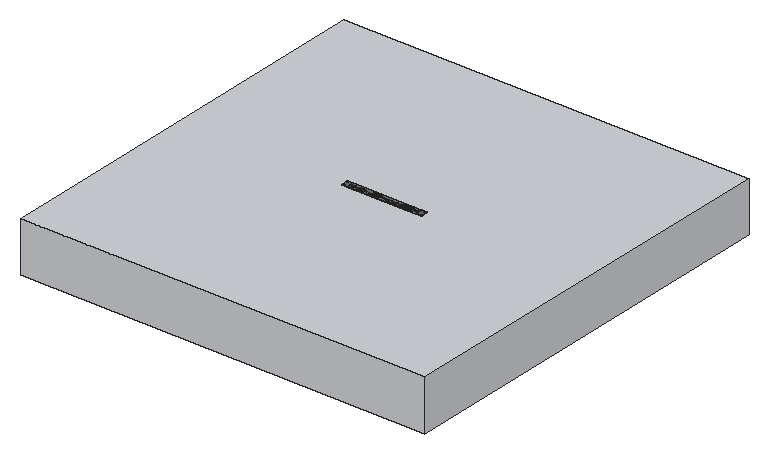
Revit family "Контроллер AGRG R2 RACK_на грани", category Электрооборудование, Revit 2019
Family settings
  Основа = Грань
  Размер круглого соединителя = Использовать диаметр
  Тип детали = Другая панель
  При загрузке вырезать с полостями = Нет
  Общий = Нет
  Точка расчета площади = Нет
Parameters (values of type "Контроллер AGRG R2 RACK")
  built-in parameter 1140085 [instance] = Panel Name  # (empty or 0)
  Default Elevation = 1219.2 mm
  Описание = "ITV"  # constant formula
  Panel Name [instance] = (empty or 0)
  Type Image = ARD.png
  Группа модели = "Оборудование"  # constant formula
  URL = "https://skud.agrg.ru/controllers/agrg-r2-rack"
  ITV_SUB_УГО на структурной схеме = "УГО_Контроллер"
  ITV_LCS_Номер юнита [instance] = 0
  ITV_LCS_Номер шкафа [instance] = ""
  ITV_LCS_Высота U = 1
  ADSK_Принадлежность к разделу [instance] = ""
  ADSK_Примечание [instance] = ""
  ADSK_Полная мощность [instance] = ADSK_Номинальная мощность / ADSK_Коэффициент мощности  # 30 VA
  ADSK_Позиция [instance] = ""
  ADSK_Обозначение = "ARD"
  ADSK_Номинальная мощность [instance] = 30 VA
  ADSK_Напряжение [instance] = 220 V
  ADSK_Наименование краткое = "Контроллер"
  ADSK_Наименование = "Специализированный контроллер AGRG R2 Rack для IT-инфраструктуры (защита телеком. шкафов). Габариты: 410 х 190 х 43 мм (без кронштейнов), исполнение 1U. Подключение до 2-х специализированных ручек со встроенными считывателями. Оснащен АКБ (до 3-х часов автономн. работы). Работает под управлением ПО SIGUR."
  ADSK_Масса = 2.7
  ADSK_Марка = "AGRG ЦОД"
  ADSK_Коэффициент мощности = 1
  ADSK_Количество фаз [instance] = 1
  ADSK_Количество = 1
  ADSK_Код изделия = "CCTLR2R"
  ADSK_Классификация нагрузок [instance] = Прочее
  ADSK_Имя источника питания [instance] = ""
  ADSK_Завод-изготовитель = "ООО «Агрегатор»"  # constant formula
  ADSK_Единица измерения = "шт."
  ADSK_Группирование [instance] = "1. Оборудование"
Reference planes
  plane 1 "По центру (Вперед/Назад)": y = 0
  plane 2: z = 0
  plane 3 "По центру (Влево/Вправо)": x = 0
Forms (mm)
  Extrusion 1, solid
    sketch origin (0, 0, 0) x (1, 0, 0) y (0, 1, 0)
      loop
        line (-1219.2, 1219.2) -> (-1219.2, -1219.2) -> (1219.2, -1219.2) -> (1219.2, 1219.2) -> (-1219.2, 1219.2)
    from 0 to -304.8
Dimensions and locks
  aligned and locked: plane 2 to Extrusion 1
  aligned and locked: level to Extrusion 1
Nested families
  nested 1: "AGRG R2 RACK_на грани" at (0, 0, 0), type "AGRG R2 RACK_на грани", detail levels fine
    with Материал ITV_Краска_черная_ матовая
Connectors
  electrical at (0, 0, 0), driven by "ADSK_Количество фаз", driven by "ADSK_Классификация нагрузок", driven by "ADSK_Напряжение", driven by "ADSK_Полная мощность", driven by "ADSK_Коэффициент мощности"
    settings: index 1, voltage 220 V, apparent load 30 VA, apparent load phase1 0 VA, apparent load phase2 0 VA, apparent load phase3 0 VA, power factor 1, load classification "Прочее", number of poles 1, system type 30, power factor state 1, is connector primary yes, connector utility no, sub classification motor no, connector description ""
  electrical at (0, 0, 0)
    settings: index 2, voltage 0 V, apparent load 0 VA, apparent load phase1 0 VA, apparent load phase2 0 VA, apparent load phase3 0 VA, power factor 1, load classification "Прочее", number of poles 1, system type 5, power factor state 1, is connector primary no, connector utility no, sub classification motor no, connector description ""
Definition of nested family "AGRG R2 RACK_на грани"
  Parameters (values of type "AGRG R2 RACK_на грани")
    Default Elevation = 1219.2 mm
    Материал [instance] = none
  Reference planes
    plane 1 "По центру (Вперед/Назад)": y = 0
    plane 2: z = 0
    plane 3 "По центру (Влево/Вправо)": x = 0
    plane 4: x = -205
    plane 5: y = 21.8
    plane 6: x = 205
    plane 7: y = -21.8
    plane 8: x = 241.3
    plane 9: x = 230.913
    plane 10: x = -241.3
    plane 11: x = -230.913
  Forms (mm)
    Extrusion 1, solid
      sketch origin (0, 0, 0) x (1, 0, 0) y (0, 1, 0)
        loop
          line (-1219.2, 1219.2) -> (-1219.2, -1219.2) -> (1219.2, -1219.2) -> (1219.2, 1219.2) -> (-1219.2, 1219.2)
      from 0 to -304.8
    Extrusion 2, solid, material <- "Материал", detail levels fine
      sketch origin (2.2, 502.964, 0) x (1, 0, 0) y (0, 1, 0)
        loop
          line (202.8, -481.164) -> (202.8, -524.764) -> (237.1, -524.764)
          arc (237.1, -524.764) -> (238.514, -524.178) -> (239.1, -522.764) r 2
          line (239.1, -522.764) -> (239.1, -483.164)
          arc (239.1, -483.164) -> (238.514, -481.75) -> (237.1, -481.164) r 2
          line (237.1, -481.164) -> (202.8, -481.164)
        loop
          arc (228.713, -515.864) -> (225.713, -518.864) -> (228.713, -521.864) r 3
          line (228.713, -521.864) -> (233.007, -521.864)
          arc (233.007, -521.864) -> (236.007, -518.864) -> (233.007, -515.864) r 3
          line (233.007, -515.864) -> (228.713, -515.864)
        loop
          line (233.007, -484.131) -> (228.713, -484.131)
          arc (228.713, -484.131) -> (225.713, -487.131) -> (228.713, -490.131) r 3
          line (228.713, -490.131) -> (233.007, -490.131)
          arc (233.007, -490.131) -> (236.007, -487.131) -> (233.007, -484.131) r 3
      from 0 to 1
    Extrusion 3, solid, material <- "Материал", detail levels fine
      sketch origin (205, 22.2, 0) x (0, -1, 0) y (0, 0, -1)
        loop
          line (0.4, 0) -> (44, 0) -> (44, 19.02)
          arc (44, 19.02) -> (43.42, 20.42) -> (42.019, 21) r 1.981
          line (42.019, 21) -> (2.4, 21)
          arc (2.4, 21) -> (0.986, 20.415) -> (0.4, 19) r 2
          line (0.4, 19) -> (0.4, 0)
      from 0 to 1
    Extrusion 4, solid, material <- "Материал", detail levels fine
      sketch origin (-2.2, 502.964, 0) x (-1, 0, 0) y (0, -1, 0)
        loop
          line (202.8, 481.164) -> (237.1, 481.164)
          arc (237.1, 481.164) -> (238.514, 481.75) -> (239.1, 483.164) r 2
          line (239.1, 483.164) -> (239.1, 522.764)
          arc (239.1, 522.764) -> (238.514, 524.178) -> (237.1, 524.764) r 2
          line (237.1, 524.764) -> (202.8, 524.764) -> (202.8, 481.164)
        loop
          line (228.713, 515.864) -> (233.007, 515.864)
          arc (233.007, 515.864) -> (235.943, 518.8) -> (233.007, 521.737) r 2.937
          line (233.007, 521.737) -> (228.713, 521.737)
          arc (228.713, 521.737) -> (225.776, 518.8) -> (228.713, 515.864) r 2.937
        loop
          arc (233.007, 484.131) -> (236.007, 487.131) -> (233.007, 490.131) r 3
          line (233.007, 490.131) -> (228.713, 490.131)
          arc (228.713, 490.131) -> (225.713, 487.131) -> (228.713, 484.131) r 3
          line (228.713, 484.131) -> (233.007, 484.131)
      from 0 to 1
    Extrusion 5, solid, material <- "Материал", detail levels fine
      sketch origin (-205, 22.2, 0) x (0, -1, 0) y (0, 0, 1)
        loop
          line (0.4, 0) -> (0.4, -19)
          arc (0.4, -19) -> (0.986, -20.415) -> (2.4, -21) r 2
          line (2.4, -21) -> (42.019, -21)
          arc (42.019, -21) -> (43.42, -20.42) -> (44, -19.02) r 1.981
          line (44, -19.02) -> (44, 0) -> (0.4, 0)
      from 0 to 1
    Extrusion 6, solid, material <- "Материал"
      sketch origin (0, 0, 0) x (1, 0, 0) y (0, 1, 0)
        loop
          line (-205, 21.8) -> (-205, -21.8) -> (205, -21.8) -> (205, 21.8) -> (-205, 21.8)
      from -189 to 1
    Extrusion 7, void
      sketch origin (0, 0, 0) x (1, 0, 0) y (0, 1, 0)
        loop
          arc (-149.498, 11.25) -> (-151.624, 10.369) -> (-152.504, 8.244) r 3.006
          line (-152.504, 8.244) -> (-152.504, -8.25)
          arc (-152.504, -8.25) -> (-151.626, -10.371) -> (-149.504, -11.25) r 3
          line (-149.504, -11.25) -> (-125.004, -11.25)
          arc (-125.004, -11.25) -> (-122.883, -10.371) -> (-122.004, -8.25) r 3
          line (-122.004, -8.25) -> (-122.004, 8.228)
          arc (-122.004, 8.228) -> (-122.889, 10.365) -> (-125.026, 11.25) r 3.022
          line (-125.026, 11.25) -> (-149.498, 11.25)
      from -18.8 to 1
    Extrusion 8, solid
      sketch origin (0, 0, 0) x (1, 0, 0) y (0, 1, 0)
        loop
          arc (-149.498, 11.25) -> (-151.624, 10.369) -> (-152.504, 8.244) r 3.006
          line (-152.504, 8.244) -> (-152.504, -8.25)
          arc (-152.504, -8.25) -> (-151.626, -10.371) -> (-149.504, -11.25) r 3
          line (-149.504, -11.25) -> (-125.004, -11.25)
          arc (-125.004, -11.25) -> (-122.883, -10.371) -> (-122.004, -8.25) r 3
          line (-122.004, -8.25) -> (-122.004, 8.228)
          arc (-122.004, 8.228) -> (-122.889, 10.365) -> (-125.026, 11.25) r 3.022
          line (-125.026, 11.25) -> (-149.498, 11.25)
        loop
          line (-149.504, 2.545) -> (-149.504, -6.201)
          arc (-149.504, -6.201) -> (-148.904, -7.65) -> (-147.455, -8.25) r 2.049
          line (-147.455, -8.25) -> (-127.004, -8.25)
          arc (-127.004, -8.25) -> (-125.59, -7.664) -> (-125.004, -6.25) r 2
          line (-125.004, -6.25) -> (-125.004, 2.545) -> (-130.709, 8.25) -> (-143.799, 8.25) -> (-149.504, 2.545)
      from -18.8 to 1
    Extrusion 9, solid
      sketch origin (0, 0, 0) x (1, 0, 0) y (0, 1, 0)
        loop
          line (-149.504, 2.545) -> (-149.504, -6.201)
          arc (-149.504, -6.201) -> (-148.904, -7.65) -> (-147.455, -8.25) r 2.049
          line (-147.455, -8.25) -> (-127.004, -8.25)
          arc (-127.004, -8.25) -> (-125.59, -7.664) -> (-125.004, -6.25) r 2
          line (-125.004, -6.25) -> (-125.004, 2.545) -> (-130.709, 8.25) -> (-143.799, 8.25) -> (-149.504, 2.545)
      from -18.8 to -17.8
    Extrusion 10, void
      sketch origin (0, 0, 0) x (1, 0, 0) y (0, 1, 0)
        loop
          line (-69.101, 8.57) -> (-62.112, 8.57) -> (-62.112, 3.178) -> (-60.912, 3.178) -> (-60.912, 11.672) -> (-65.606, 15.209) -> (-70.301, 11.672) -> (-70.301, 3.178) -> (-69.101, 3.178) -> (-69.101, 8.57)
        loop
          line (-69.101, 9.77) -> (-62.112, 9.77) -> (-62.112, 11.073) -> (-65.606, 13.707) -> (-69.101, 11.073) -> (-69.101, 9.77)
        loop
          line (-59.111, 3.178) -> (-49.783, 3.178) -> (-49.783, 9.534) -> (-56.484, 9.534) -> (-56.484, 8.334) -> (-50.983, 8.334) -> (-50.983, 4.378) -> (-57.911, 4.378) -> (-57.911, 14.082) -> (-50.983, 14.082) -> (-50.983, 12.281) -> (-49.783, 12.281) -> (-49.783, 15.282) -> (-59.111, 15.282) -> (-59.111, 3.178)
        loop
          line (-38.444, 3.095) -> (-38.726, 4.016) -> (-45.375, 8.334) -> (-38.444, 8.334) -> (-38.444, 15.282) -> (-48, 15.282) -> (-48, 3.178) -> (-46.8, 3.178) -> (-46.8, 7.829) -> (-39.511, 3.095) -> (-38.444, 3.095)
        loop
          line (-46.8, 9.534) -> (-39.644, 9.534) -> (-39.644, 14.082) -> (-46.8, 14.082) -> (-46.8, 9.534)
        loop
          line (-36.648, 3.178) -> (-27.399, 3.178) -> (-27.399, 9.534) -> (-34.044, 9.534) -> (-34.044, 8.334) -> (-28.599, 8.334) -> (-28.599, 4.378) -> (-35.448, 4.378) -> (-35.448, 14.082) -> (-28.599, 14.082) -> (-28.599, 12.281) -> (-27.399, 12.281) -> (-27.399, 15.282) -> (-36.648, 15.282) -> (-36.648, 3.178)
        loop
          line (-69.101, -8.57) -> (-69.101, -3.178) -> (-70.301, -3.178) -> (-70.301, -11.672) -> (-65.606, -15.209) -> (-60.912, -11.672) -> (-60.912, -3.178) -> (-62.112, -3.178) -> (-62.112, -8.57) -> (-69.101, -8.57)
        loop
          line (-69.101, -9.77) -> (-69.101, -11.073) -> (-65.606, -13.707) -> (-62.112, -11.073) -> (-62.112, -9.77) -> (-69.101, -9.77)
        loop
          line (-59.111, -3.178) -> (-59.111, -15.282) -> (-49.783, -15.282) -> (-49.783, -12.281) -> (-50.983, -12.281) -> (-50.983, -14.082) -> (-57.911, -14.082) -> (-57.911, -4.378) -> (-50.983, -4.378) -> (-50.983, -8.334) -> (-56.484, -8.334) -> (-56.484, -9.534) -> (-49.783, -9.534) -> (-49.783, -3.178) -> (-59.111, -3.178)
        loop
          line (-38.444, -3.095) -> (-39.511, -3.095) -> (-46.8, -7.829) -> (-46.8, -3.178) -> (-48, -3.178) -> (-48, -15.282) -> (-38.444, -15.282) -> (-38.444, -8.334) -> (-45.375, -8.334) -> (-38.726, -4.016) -> (-38.444, -3.095)
        loop
          line (-46.8, -9.534) -> (-46.8, -14.082) -> (-39.644, -14.082) -> (-39.644, -9.534) -> (-46.8, -9.534)
        loop
          line (-36.648, -3.178) -> (-36.648, -15.282) -> (-27.399, -15.282) -> (-27.399, -12.281) -> (-28.599, -12.281) -> (-28.599, -14.082) -> (-35.448, -14.082) -> (-35.448, -4.378) -> (-28.599, -4.378) -> (-28.599, -8.334) -> (-34.044, -8.334) -> (-34.044, -9.534) -> (-27.399, -9.534) -> (-27.399, -3.178) -> (-36.648, -3.178)
      from 0 to 1
    Extrusion 11, solid
      sketch origin (0, 0, 0) x (1, 0, 0) y (0, 1, 0)
        loop
          line (-69.101, 8.57) -> (-62.112, 8.57) -> (-62.112, 3.178) -> (-60.912, 3.178) -> (-60.912, 11.672) -> (-65.606, 15.209) -> (-70.301, 11.672) -> (-70.301, 3.178) -> (-69.101, 3.178) -> (-69.101, 8.57)
        loop
          line (-69.101, 9.77) -> (-62.112, 9.77) -> (-62.112, 11.073) -> (-65.606, 13.707) -> (-69.101, 11.073) -> (-69.101, 9.77)
        loop
          line (-59.111, 3.178) -> (-49.783, 3.178) -> (-49.783, 9.534) -> (-56.484, 9.534) -> (-56.484, 8.334) -> (-50.983, 8.334) -> (-50.983, 4.378) -> (-57.911, 4.378) -> (-57.911, 14.082) -> (-50.983, 14.082) -> (-50.983, 12.281) -> (-49.783, 12.281) -> (-49.783, 15.282) -> (-59.111, 15.282) -> (-59.111, 3.178)
        loop
          line (-38.444, 3.095) -> (-38.726, 4.016) -> (-45.375, 8.334) -> (-38.444, 8.334) -> (-38.444, 15.282) -> (-48, 15.282) -> (-48, 3.178) -> (-46.8, 3.178) -> (-46.8, 7.829) -> (-39.511, 3.095) -> (-38.444, 3.095)
        loop
          line (-46.8, 9.534) -> (-39.644, 9.534) -> (-39.644, 14.082) -> (-46.8, 14.082) -> (-46.8, 9.534)
        loop
          line (-36.648, 3.178) -> (-27.399, 3.178) -> (-27.399, 9.534) -> (-34.044, 9.534) -> (-34.044, 8.334) -> (-28.599, 8.334) -> (-28.599, 4.378) -> (-35.448, 4.378) -> (-35.448, 14.082) -> (-28.599, 14.082) -> (-28.599, 12.281) -> (-27.399, 12.281) -> (-27.399, 15.282) -> (-36.648, 15.282) -> (-36.648, 3.178)
        loop
          line (-69.101, -8.57) -> (-69.101, -3.178) -> (-70.301, -3.178) -> (-70.301, -11.672) -> (-65.606, -15.209) -> (-60.912, -11.672) -> (-60.912, -3.178) -> (-62.112, -3.178) -> (-62.112, -8.57) -> (-69.101, -8.57)
        loop
          line (-69.101, -9.77) -> (-69.101, -11.073) -> (-65.606, -13.707) -> (-62.112, -11.073) -> (-62.112, -9.77) -> (-69.101, -9.77)
        loop
          line (-59.111, -3.178) -> (-59.111, -15.282) -> (-49.783, -15.282) -> (-49.783, -12.281) -> (-50.983, -12.281) -> (-50.983, -14.082) -> (-57.911, -14.082) -> (-57.911, -4.378) -> (-50.983, -4.378) -> (-50.983, -8.334) -> (-56.484, -8.334) -> (-56.484, -9.534) -> (-49.783, -9.534) -> (-49.783, -3.178) -> (-59.111, -3.178)
        loop
          line (-38.444, -3.095) -> (-39.511, -3.095) -> (-46.8, -7.829) -> (-46.8, -3.178) -> (-48, -3.178) -> (-48, -15.282) -> (-38.444, -15.282) -> (-38.444, -8.334) -> (-45.375, -8.334) -> (-38.726, -4.016) -> (-38.444, -3.095)
        loop
          line (-46.8, -9.534) -> (-46.8, -14.082) -> (-39.644, -14.082) -> (-39.644, -9.534) -> (-46.8, -9.534)
        loop
          line (-36.648, -3.178) -> (-36.648, -15.282) -> (-27.399, -15.282) -> (-27.399, -12.281) -> (-28.599, -12.281) -> (-28.599, -14.082) -> (-35.448, -14.082) -> (-35.448, -4.378) -> (-28.599, -4.378) -> (-28.599, -8.334) -> (-34.044, -8.334) -> (-34.044, -9.534) -> (-27.399, -9.534) -> (-27.399, -3.178) -> (-36.648, -3.178)
      from 0 to 1
    Extrusion 12, solid
      sketch origin (0, 0, 0) x (1, 0, 0) y (0, 1, 0)
        loop
          line (-144.031, -0.942) -> (-144.031, -4.514) -> (-142.308, -4.514) -> (-142.308, -0.942) -> (-144.031, -0.942)
        loop
          line (-130.477, -0.942) -> (-132.2, -0.942) -> (-132.2, -4.514) -> (-130.477, -4.514) -> (-130.477, -0.942)
        loop
          line (-138.116, 3.572) -> (-138.116, 0) -> (-136.393, 0) -> (-136.393, 3.572) -> (-138.116, 3.572)
      from -17.8 to 0
    Extrusion 13, void
      sketch origin (0, 0, 0) x (1, 0, 0) y (0, 1, 0)
        loop
          line (-186.678, 7.281) -> (-186.678, -7.281) -> (-179.175, -7.281) -> (-179.175, 7.281) -> (-186.678, 7.281)
      from -2 to 1
    Extrusion 14, solid
      sketch origin (0, 0, 0) x (0, 1, 0) y (0, 0, 1)
        loop
          line (6.702, -2) -> (6.702, -0.591) -> (4.812, -0.591) -> (4.812, 1.452) -> (1.686, 1.452) -> (1.686, -0.591) -> (-6.681, -0.591) -> (-6.681, -2) -> (6.702, -2)
      from -185.955 to -180
    Extrusion 15, void
      sketch origin (0, 0, 0) x (1, 0, 0) y (0, 1, 0)
        loop
          line (205, -1.5) -> (205, 1.5) -> (192.774, 1.5) -> (192.774, -1.5) -> (205, -1.5)
        loop
          line (-205, 1.5) -> (-205, -1.5) -> (-186.678, -1.5) -> (-186.678, 1.5) -> (-205, 1.5)
        loop
          line (-179.175, 1.5) -> (-179.175, -1.5) -> (-152.504, -1.5) -> (-152.504, 1.5) -> (-179.175, 1.5)
        loop
          line (-122.004, 1.5) -> (-122.004, -1.5) -> (-74.528, -1.5) -> (-74.528, 1.5) -> (-122.004, 1.5)
        loop
          line (-22.913, -1.5) -> (46.023, -1.5) -> (46.023, 1.5) -> (-22.913, 1.5) -> (-22.913, -1.5)
        loop
          line (62.523, -1.5) -> (103.68, -1.5) -> (103.68, 1.5) -> (62.523, 1.5) -> (62.523, -1.5)
        loop
          line (169.68, 1.5) -> (169.68, -1.5) -> (177.499, -1.5) -> (177.499, 1.5) -> (169.68, 1.5)
      from 0 to 1
    Extrusion 16, solid
      sketch origin (0, 0, 0) x (1, 0, 0) y (0, 1, 0)
        loop
          line (205, -1.5) -> (205, 1.5) -> (192.774, 1.5) -> (192.774, -1.5) -> (205, -1.5)
        loop
          line (-205, 1.5) -> (-205, -1.5) -> (-186.678, -1.5) -> (-186.678, 1.5) -> (-205, 1.5)
        loop
          line (-179.175, 1.5) -> (-179.175, -1.5) -> (-152.504, -1.5) -> (-152.504, 1.5) -> (-179.175, 1.5)
        loop
          line (-122.004, 1.5) -> (-122.004, -1.5) -> (-74.528, -1.5) -> (-74.528, 1.5) -> (-122.004, 1.5)
        loop
          line (-22.913, -1.5) -> (46.023, -1.5) -> (46.023, 1.5) -> (-22.913, 1.5) -> (-22.913, -1.5)
        loop
          line (62.523, -1.5) -> (103.68, -1.5) -> (103.68, 1.5) -> (62.523, 1.5) -> (62.523, -1.5)
        loop
          line (169.68, 1.5) -> (169.68, -1.5) -> (177.499, -1.5) -> (177.499, 1.5) -> (169.68, 1.5)
      from 0 to 1
    Extrusion 17, void
      sketch origin (0, 0, 0) x (1, 0, 0) y (0, 1, 0)
        loop
          line (-72.258, 1.5) -> (-72.258, -1.5) -> (-64.055, -1.5) -> (-64.055, 1.5) -> (-72.258, 1.5)
        loop
          line (-62.258, 1.5) -> (-62.258, -1.5) -> (-40.229, -1.5) -> (-40.229, 1.5) -> (-62.258, 1.5)
        loop
          line (-38.764, 1.5) -> (-38.764, -1.5) -> (-25.335, -1.5) -> (-25.335, 1.5) -> (-38.764, 1.5)
        loop
          line (179.427, 1.5) -> (179.427, -1.5) -> (190.507, -1.5) -> (190.507, 1.5) -> (179.427, 1.5)
      from 0 to 1
    Extrusion 18, solid
      sketch origin (0, 0, 0) x (1, 0, 0) y (0, 1, 0)
        loop
          line (-72.258, 1.5) -> (-72.258, -1.5) -> (-64.055, -1.5) -> (-64.055, 1.5) -> (-72.258, 1.5)
        loop
          line (-62.258, 1.5) -> (-62.258, -1.5) -> (-40.229, -1.5) -> (-40.229, 1.5) -> (-62.258, 1.5)
        loop
          line (-38.764, 1.5) -> (-38.764, -1.5) -> (-25.335, -1.5) -> (-25.335, 1.5) -> (-38.764, 1.5)
        loop
          line (179.427, 1.5) -> (179.427, -1.5) -> (190.507, -1.5) -> (190.507, 1.5) -> (179.427, 1.5)
      from 0 to 1
    Extrusion 19, solid
      sketch origin (0, 0, 0) x (1, 0, 0) y (0, 1, 0)
        loop
          line (46.023, 1.964) -> (46.023, -11.536) -> (62.523, -11.536) -> (62.523, 1.964) -> (46.023, 1.964)
        loop
          line (48.323, -0.437) -> (48.323, -7.431) -> (50.075, -7.431) -> (50.075, -9.369) -> (52.299, -9.369) -> (52.299, -10.672) -> (54.273, -10.672) -> (56.248, -10.672) -> (56.248, -9.369) -> (58.472, -9.369) -> (58.472, -7.431) -> (60.223, -7.431) -> (60.223, -0.437) -> (54.273, -0.437) -> (48.323, -0.437)
      from -14 to 1
    Extrusion 20, void
      sketch origin (0, 0, 0) x (1, 0, 0) y (0, 1, 0)
        loop
          line (46.023, 1.964) -> (46.023, -11.536) -> (62.523, -11.536) -> (62.523, 1.964) -> (46.023, 1.964)
        loop
          line (103.68, 1.964) -> (103.68, -11.536) -> (169.68, -11.536) -> (169.68, 1.964) -> (103.68, 1.964)
      from -14 to 1
    Extrusion 21, solid
      sketch origin (57.656, 0, 0) x (1, 0, 0) y (0, 1, 0)
        loop
          line (46.023, 1.964) -> (46.023, -11.536) -> (62.523, -11.536) -> (62.523, 1.964) -> (46.023, 1.964)
        loop
          line (48.323, -0.437) -> (48.323, -7.431) -> (50.075, -7.431) -> (50.075, -9.369) -> (52.299, -9.369) -> (52.299, -10.672) -> (54.273, -10.672) -> (56.248, -10.672) -> (56.248, -9.369) -> (58.472, -9.369) -> (58.472, -7.431) -> (60.223, -7.431) -> (60.223, -0.437) -> (54.273, -0.437) -> (48.323, -0.437)
      from -14 to 1
    Extrusion 22, solid
      sketch origin (74.156, 0, 0) x (1, 0, 0) y (0, 1, 0)
        loop
          line (46.023, 1.964) -> (46.023, -11.536) -> (62.523, -11.536) -> (62.523, 1.964) -> (46.023, 1.964)
        loop
          line (48.323, -0.437) -> (48.323, -7.431) -> (50.075, -7.431) -> (50.075, -9.369) -> (52.299, -9.369) -> (52.299, -10.672) -> (54.273, -10.672) -> (56.248, -10.672) -> (56.248, -9.369) -> (58.472, -9.369) -> (58.472, -7.431) -> (60.223, -7.431) -> (60.223, -0.437) -> (54.273, -0.437) -> (48.323, -0.437)
      from -14 to 1
    Extrusion 23, solid
      sketch origin (90.656, 0, 0) x (1, 0, 0) y (0, 1, 0)
        loop
          line (46.023, 1.964) -> (46.023, -11.536) -> (62.523, -11.536) -> (62.523, 1.964) -> (46.023, 1.964)
        loop
          line (48.323, -0.437) -> (48.323, -7.431) -> (50.075, -7.431) -> (50.075, -9.369) -> (52.299, -9.369) -> (52.299, -10.672) -> (54.273, -10.672) -> (56.248, -10.672) -> (56.248, -9.369) -> (58.472, -9.369) -> (58.472, -7.431) -> (60.223, -7.431) -> (60.223, -0.437) -> (54.273, -0.437) -> (48.323, -0.437)
      from -14 to 1
    Extrusion 24, solid
      sketch origin (107.156, 0, 0) x (1, 0, 0) y (0, 1, 0)
        loop
          line (46.023, 1.964) -> (46.023, -11.536) -> (62.523, -11.536) -> (62.523, 1.964) -> (46.023, 1.964)
        loop
          line (48.323, -0.437) -> (48.323, -7.431) -> (50.075, -7.431) -> (50.075, -9.369) -> (52.299, -9.369) -> (52.299, -10.672) -> (54.273, -10.672) -> (56.248, -10.672) -> (56.248, -9.369) -> (58.472, -9.369) -> (58.472, -7.431) -> (60.223, -7.431) -> (60.223, -0.437) -> (54.273, -0.437) -> (48.323, -0.437)
      from -14 to 1
    Extrusion 25, solid
      sketch origin (0, 0, 0) x (1, 0, 0) y (0, 1, 0)
        loop
          line (50.075, -7.431) -> (50.075, -9.369) -> (52.299, -9.369) -> (52.299, -10.672) -> (54.273, -10.672) -> (56.248, -10.672) -> (56.248, -9.369) -> (58.472, -9.369) -> (58.472, -7.431) -> (60.223, -7.431) -> (60.223, -0.437) -> (54.273, -0.437) -> (48.323, -0.437) -> (48.323, -7.431) -> (50.075, -7.431)
      from -14 to -13
    Extrusion 26, solid
      sketch origin (57.656, 0, 0) x (1, 0, 0) y (0, 1, 0)
        loop
          line (50.075, -7.431) -> (50.075, -9.369) -> (52.299, -9.369) -> (52.299, -10.672) -> (54.273, -10.672) -> (56.248, -10.672) -> (56.248, -9.369) -> (58.472, -9.369) -> (58.472, -7.431) -> (60.223, -7.431) -> (60.223, -0.437) -> (54.273, -0.437) -> (48.323, -0.437) -> (48.323, -7.431) -> (50.075, -7.431)
      from -14 to -13
    Extrusion 27, solid
      sketch origin (74.156, 0, 0) x (1, 0, 0) y (0, 1, 0)
        loop
          line (50.075, -7.431) -> (50.075, -9.369) -> (52.299, -9.369) -> (52.299, -10.672) -> (54.273, -10.672) -> (56.248, -10.672) -> (56.248, -9.369) -> (58.472, -9.369) -> (58.472, -7.431) -> (60.223, -7.431) -> (60.223, -0.437) -> (54.273, -0.437) -> (48.323, -0.437) -> (48.323, -7.431) -> (50.075, -7.431)
      from -14 to -13
    Extrusion 28, solid
      sketch origin (90.656, 0, 0) x (1, 0, 0) y (0, 1, 0)
        loop
          line (50.075, -7.431) -> (50.075, -9.369) -> (52.299, -9.369) -> (52.299, -10.672) -> (54.273, -10.672) -> (56.248, -10.672) -> (56.248, -9.369) -> (58.472, -9.369) -> (58.472, -7.431) -> (60.223, -7.431) -> (60.223, -0.437) -> (54.273, -0.437) -> (48.323, -0.437) -> (48.323, -7.431) -> (50.075, -7.431)
      from -14 to -13
    Extrusion 29, solid
      sketch origin (107.156, 0, 0) x (1, 0, 0) y (0, 1, 0)
        loop
          line (50.075, -7.431) -> (50.075, -9.369) -> (52.299, -9.369) -> (52.299, -10.672) -> (54.273, -10.672) -> (56.248, -10.672) -> (56.248, -9.369) -> (58.472, -9.369) -> (58.472, -7.431) -> (60.223, -7.431) -> (60.223, -0.437) -> (54.273, -0.437) -> (48.323, -0.437) -> (48.323, -7.431) -> (50.075, -7.431)
      from -14 to -13
    Extrusion 30, solid
      sketch origin (0, 0, 0) x (1, 0, 0) y (0, 1, 0)
        loop
          circle (174.284, -7.017) r 2.045
      from 1 to 1.992
    Revolve 31, solid
      sketch origin (74.064, 0, 0) x (0, 1, 0) y (0, 0, 1)
        loop
          line (-7.017, 1.992) -> (-7.017, 1) -> (-4.972, 1)
          spline (-4.972, 1) -> (-4.99, 1.13) -> (-5.042, 1.257) -> (-5.128, 1.38) -> (-5.246, 1.496) -> (-5.395, 1.604) -> (-5.571, 1.702) -> (-5.772, 1.787) -> (-5.995, 1.86) -> (-6.235, 1.917) -> (-6.488, 1.959) -> (-6.75, 1.984) -> (-7.017, 1.992)
        axis (-7.017, 1) -> (-7.017, 2)
      angle from 0 to 360
    Revolve 32, solid
      sketch origin (84.064, 0, 0) x (0, 1, 0) y (0, 0, 1)
        loop
          line (-7.017, 1.992) -> (-7.017, 1) -> (-4.972, 1)
          spline (-4.972, 1) -> (-4.99, 1.13) -> (-5.042, 1.257) -> (-5.128, 1.38) -> (-5.246, 1.496) -> (-5.395, 1.604) -> (-5.571, 1.702) -> (-5.772, 1.787) -> (-5.995, 1.86) -> (-6.235, 1.917) -> (-6.488, 1.959) -> (-6.75, 1.984) -> (-7.017, 1.992)
        axis (-7.017, 1) -> (-7.017, 2)
      angle from 0 to 360
    Revolve 33, solid
      sketch origin (93.584, 0, 0) x (0, 1, 0) y (0, 0, 1)
        loop
          line (-7.017, 1.992) -> (-7.017, 1) -> (-4.972, 1)
          spline (-4.972, 1) -> (-4.99, 1.13) -> (-5.042, 1.257) -> (-5.128, 1.38) -> (-5.246, 1.496) -> (-5.395, 1.604) -> (-5.571, 1.702) -> (-5.772, 1.787) -> (-5.995, 1.86) -> (-6.235, 1.917) -> (-6.488, 1.959) -> (-6.75, 1.984) -> (-7.017, 1.992)
        axis (-7.017, 1) -> (-7.017, 2)
      angle from 0 to 360
    Extrusion 34, void
      sketch origin (0, 0, 0) x (1, 0, 0) y (0, 1, 0)
        loop
          line (103.68, 17.389) -> (103.68, 7.924) -> (119.213, 7.924) -> (119.213, 17.389) -> (103.68, 17.389)
        loop
          line (120.502, 17.389) -> (120.502, 7.924) -> (136.035, 7.924) -> (136.035, 17.389) -> (120.502, 17.389)
        loop
          line (137.324, 17.389) -> (137.324, 7.924) -> (152.857, 7.924) -> (152.857, 17.389) -> (137.324, 17.389)
        loop
          line (154.146, 17.389) -> (154.146, 7.924) -> (169.68, 7.924) -> (169.68, 17.389) -> (154.146, 17.389)
      from 0 to 1
    Extrusion 35, solid
      sketch origin (0, 0, 0) x (1, 0, 0) y (0, 1, 0)
        loop
          line (103.68, 17.389) -> (103.68, 7.924) -> (119.213, 7.924) -> (119.213, 17.389) -> (103.68, 17.389)
        loop
          line (120.502, 17.389) -> (120.502, 7.924) -> (136.035, 7.924) -> (136.035, 17.389) -> (120.502, 17.389)
        loop
          line (137.324, 17.389) -> (137.324, 7.924) -> (152.857, 7.924) -> (152.857, 17.389) -> (137.324, 17.389)
        loop
          line (154.146, 17.389) -> (154.146, 7.924) -> (169.68, 7.924) -> (169.68, 17.389) -> (154.146, 17.389)
      from 0 to 1
    Extrusion 36, void
      sketch origin (0, 0.93, 0) x (1, 0, 0) y (0, 1, 0)
        loop
          line (16.539, -2.43) -> (16.539, -11.566) -> (41.539, -11.566) -> (41.539, -2.43) -> (16.539, -2.43)
      from -2 to 1
    Extrusion 37, solid
      sketch origin (0, 0.93, 0) x (1, 0, 0) y (0, 1, 0)
        loop
          line (16.539, -2.43) -> (16.539, -11.566) -> (41.539, -11.566) -> (41.539, -2.43) -> (16.539, -2.43)
        loop
          line (38.734, -4.109) -> (37.552, -4.109) -> (37.552, -5.085) -> (38.338, -5.085) -> (38.338, -5.866) -> (37.552, -5.866) -> (37.552, -10.278) -> (38.734, -10.278) -> (39.915, -10.278) -> (39.915, -5.866) -> (39.13, -5.866) -> (39.13, -5.085) -> (39.915, -5.085) -> (39.915, -4.109) -> (38.734, -4.109)
        loop
          line (34.857, -4.109) -> (33.676, -4.109) -> (33.676, -5.085) -> (34.461, -5.085) -> (34.461, -5.866) -> (33.676, -5.866) -> (33.676, -10.278) -> (34.857, -10.278) -> (36.039, -10.278) -> (36.039, -5.866) -> (35.253, -5.866) -> (35.253, -5.085) -> (36.039, -5.085) -> (36.039, -4.109) -> (34.857, -4.109)
        loop
          line (30.98, -4.109) -> (29.799, -4.109) -> (29.799, -5.085) -> (30.584, -5.085) -> (30.584, -5.866) -> (29.799, -5.866) -> (29.799, -10.278) -> (30.98, -10.278) -> (32.162, -10.278) -> (32.162, -5.866) -> (31.376, -5.866) -> (31.376, -5.085) -> (32.162, -5.085) -> (32.162, -4.109) -> (30.98, -4.109)
        loop
          line (27.104, -4.109) -> (25.922, -4.109) -> (25.922, -5.085) -> (26.708, -5.085) -> (26.708, -5.866) -> (25.922, -5.866) -> (25.922, -10.278) -> (27.104, -10.278) -> (28.285, -10.278) -> (28.285, -5.866) -> (27.5, -5.866) -> (27.5, -5.085) -> (28.285, -5.085) -> (28.285, -4.109) -> (27.104, -4.109)
        loop
          line (23.227, -4.109) -> (22.045, -4.109) -> (22.045, -5.085) -> (22.831, -5.085) -> (22.831, -5.866) -> (22.045, -5.866) -> (22.045, -10.278) -> (23.227, -10.278) -> (24.408, -10.278) -> (24.408, -5.866) -> (23.623, -5.866) -> (23.623, -5.085) -> (24.408, -5.085) -> (24.408, -4.109) -> (23.227, -4.109)
        loop
          line (19.35, -4.109) -> (18.169, -4.109) -> (18.169, -5.085) -> (18.954, -5.085) -> (18.954, -5.866) -> (18.169, -5.866) -> (18.169, -10.278) -> (19.35, -10.278) -> (20.532, -10.278) -> (20.532, -5.866) -> (19.746, -5.866) -> (19.746, -5.085) -> (20.532, -5.085) -> (20.532, -4.109) -> (19.35, -4.109)
      from -2 to 1
    Extrusion 38, solid
      sketch origin (0, 0.93, 0) x (1, 0, 0) y (0, 1, 0)
        loop
          line (38.734, -4.109) -> (37.552, -4.109) -> (37.552, -5.085) -> (38.338, -5.085) -> (38.338, -5.866) -> (37.552, -5.866) -> (37.552, -10.278) -> (38.734, -10.278) -> (39.915, -10.278) -> (39.915, -5.866) -> (39.13, -5.866) -> (39.13, -5.085) -> (39.915, -5.085) -> (39.915, -4.109) -> (38.734, -4.109)
        loop
          line (34.857, -4.109) -> (33.676, -4.109) -> (33.676, -5.085) -> (34.461, -5.085) -> (34.461, -5.866) -> (33.676, -5.866) -> (33.676, -10.278) -> (34.857, -10.278) -> (36.039, -10.278) -> (36.039, -5.866) -> (35.253, -5.866) -> (35.253, -5.085) -> (36.039, -5.085) -> (36.039, -4.109) -> (34.857, -4.109)
        loop
          line (30.98, -4.109) -> (29.799, -4.109) -> (29.799, -5.085) -> (30.584, -5.085) -> (30.584, -5.866) -> (29.799, -5.866) -> (29.799, -10.278) -> (30.98, -10.278) -> (32.162, -10.278) -> (32.162, -5.866) -> (31.376, -5.866) -> (31.376, -5.085) -> (32.162, -5.085) -> (32.162, -4.109) -> (30.98, -4.109)
        loop
          line (27.104, -4.109) -> (25.922, -4.109) -> (25.922, -5.085) -> (26.708, -5.085) -> (26.708, -5.866) -> (25.922, -5.866) -> (25.922, -10.278) -> (27.104, -10.278) -> (28.285, -10.278) -> (28.285, -5.866) -> (27.5, -5.866) -> (27.5, -5.085) -> (28.285, -5.085) -> (28.285, -4.109) -> (27.104, -4.109)
        loop
          line (23.227, -4.109) -> (22.045, -4.109) -> (22.045, -5.085) -> (22.831, -5.085) -> (22.831, -5.866) -> (22.045, -5.866) -> (22.045, -10.278) -> (23.227, -10.278) -> (24.408, -10.278) -> (24.408, -5.866) -> (23.623, -5.866) -> (23.623, -5.085) -> (24.408, -5.085) -> (24.408, -4.109) -> (23.227, -4.109)
        loop
          line (19.35, -4.109) -> (18.169, -4.109) -> (18.169, -5.085) -> (18.954, -5.085) -> (18.954, -5.866) -> (18.169, -5.866) -> (18.169, -10.278) -> (19.35, -10.278) -> (20.532, -10.278) -> (20.532, -5.866) -> (19.746, -5.866) -> (19.746, -5.085) -> (20.532, -5.085) -> (20.532, -4.109) -> (19.35, -4.109)
      from -2 to -1.706
  Cuts and joins
    joined: Extrusion 4, Extrusion 5
    joined: Extrusion 2, Extrusion 3
    Extrusion 7, Extrusion 10, Extrusion 13, Extrusion 15, Extrusion 17, Extrusion 20, Extrusion 34, Extrusion 36 cuts Extrusion 6
    joined: Extrusion 8, Extrusion 9
    joined: Extrusion 19, Extrusion 25
    joined: Extrusion 21, Extrusion 26
    joined: Extrusion 22, Extrusion 27
    joined: Extrusion 23, Extrusion 28
    joined: Extrusion 24, Extrusion 29
    joined: Extrusion 37, Extrusion 38
  Dimensions and locks
    equal spacing: plane 4, plane 3 "По центру (Влево/Вправо)", plane 6
    equal spacing: plane 7, plane 1 "По центру (Вперед/Назад)", plane 5
    plane 5 to plane 7 = 43.6 mm
    plane 4 to plane 6 = 410 mm
    aligned and locked: plane 2 to Extrusion 1
    aligned and locked: level to Extrusion 1
    aligned and locked: plane 8 to Extrusion 2 sketch curve
    aligned and locked: plane 9 to Extrusion 2 sketch curve  (x4)
    aligned and locked: plane 10 to Extrusion 4 sketch curve
    aligned and locked: plane 11 to Extrusion 4 sketch curve  (x4)
  Automatic sketch dimensions
    Extrusion 1 sketch curve to Extrusion 1 sketch curve = 2438.4 mm  (x2)
    Extrusion 2 sketch curve to plane 5 = 0 mm
    Extrusion 2 sketch curve to plane 6 = 0 mm
    plane 7 to Extrusion 2 sketch curve = 0 mm
    Extrusion 2 sketch curve to plane 9 = 4.294 mm  (x2)
    Extrusion 2 sketch curve to plane 7 = 2 mm
    Extrusion 2 sketch curve to Extrusion 2 sketch curve = 0 mm  (x2)
    plane 8 to Extrusion 2 sketch curve = 2 mm
    Extrusion 2 sketch curve to plane 7 = 2.9 mm
    Extrusion 2 sketch curve to Extrusion 2 sketch curve = 3 mm  (x2)
    Extrusion 2 sketch curve to Extrusion 2 sketch curve = 6.967 mm
    Extrusion 3 sketch curve to level = 0 mm
    Extrusion 3 sketch curve to plane 5 = 0 mm
    Extrusion 3 sketch curve to plane 7 = 0 mm
    Extrusion 3 sketch curve to plane 5 = 2 mm
    Extrusion 3 sketch curve to plane 7 = 1.981 mm
    Extrusion 3 sketch curve to level = 19 mm
    Extrusion 4 sketch curve to plane 4 = 0 mm
    plane 7 to Extrusion 4 sketch curve = 0 mm
    Extrusion 4 sketch curve to plane 5 = 0 mm
    Extrusion 4 sketch curve to plane 11 = 4.294 mm  (x2)
    Extrusion 4 sketch curve to Extrusion 4 sketch curve = 2 mm
    plane 10 to Extrusion 4 sketch curve = 2 mm
    Extrusion 4 sketch curve to plane 5 = 2.967 mm
    Extrusion 4 sketch curve to Extrusion 4 sketch curve = 3 mm
    Extrusion 4 sketch curve to Extrusion 4 sketch curve = 6.9 mm
    Extrusion 4 sketch curve to Extrusion 4 sketch curve = 2.937 mm
    Extrusion 5 sketch curve to level = 0 mm
    Extrusion 5 sketch curve to plane 5 = 0 mm
    Extrusion 5 sketch curve to plane 7 = 0 mm
    Extrusion 5 sketch curve to plane 5 = 2 mm
    Extrusion 5 sketch curve to plane 7 = 1.981 mm
    Extrusion 5 sketch curve to Extrusion 5 sketch curve = 19 mm
    Extrusion 6 sketch curve to plane 4 = 0 mm
    Extrusion 6 sketch curve to plane 6 = 0 mm
    plane 7 to Extrusion 6 sketch curve = 0 mm
    Extrusion 6 sketch curve to plane 5 = 0 mm
    plane 1 "По центру (Вперед/Назад)" to Extrusion 7 sketch curve = 8.25 mm
    plane 4 to Extrusion 7 sketch curve = 52.496 mm
    Extrusion 7 sketch curve to Extrusion 7 sketch curve = 3 mm
    Extrusion 7 sketch curve to Extrusion 7 sketch curve = 3.006 mm
    Extrusion 7 sketch curve to Extrusion 7 sketch curve = 24.472 mm
    Extrusion 7 sketch curve to Extrusion 7 sketch curve = 0.022 mm
    Extrusion 7 sketch curve to Extrusion 7 sketch curve = 3.022 mm
    Extrusion 7 sketch curve to plane 1 "По центру (Вперед/Назад)" = 8.228 mm
    plane 1 "По центру (Вперед/Назад)" to Extrusion 8 sketch curve = 8.25 mm
    plane 4 to Extrusion 8 sketch curve = 52.496 mm
    Extrusion 8 sketch curve to plane 1 "По центру (Вперед/Назад)" = 2.545 mm  (x2)
    Extrusion 8 sketch curve to Extrusion 8 sketch curve = 3 mm  (x3)
    Extrusion 8 sketch curve to Extrusion 8 sketch curve = 3.006 mm
    Extrusion 8 sketch curve to Extrusion 8 sketch curve = 2.049 mm
    Extrusion 8 sketch curve to Extrusion 8 sketch curve = 5.699 mm
    Extrusion 8 sketch curve to Extrusion 8 sketch curve = 13.09 mm
    plane 1 "По центру (Вперед/Назад)" to Extrusion 8 sketch curve = 6.25 mm
    Extrusion 8 sketch curve to Extrusion 8 sketch curve = 3.705 mm
    Extrusion 8 sketch curve to Extrusion 8 sketch curve = 5.683 mm  (x2)
    Extrusion 8 sketch curve to Extrusion 8 sketch curve = 0.022 mm  (x2)
    Extrusion 8 sketch curve to Extrusion 8 sketch curve = 0 mm
    Extrusion 9 sketch curve to plane 1 "По центру (Вперед/Назад)" = 2.545 mm  (x2)
    plane 4 to Extrusion 9 sketch curve = 55.496 mm
    Extrusion 9 sketch curve to Extrusion 9 sketch curve = 2.049 mm
    Extrusion 9 sketch curve to plane 1 "По центру (Вперед/Назад)" = 8.25 mm
    Extrusion 9 sketch curve to Extrusion 9 sketch curve = 5.705 mm
    Extrusion 9 sketch curve to Extrusion 9 sketch curve = 13.09 mm
    plane 1 "По центру (Вперед/Назад)" to Extrusion 9 sketch curve = 6.25 mm
    Extrusion 9 sketch curve to Extrusion 9 sketch curve = 3.705 mm
    Extrusion 9 sketch curve to Extrusion 9 sketch curve = 2 mm
    plane 1 "По центру (Вперед/Назад)" to Extrusion 10 sketch curve = 3.178 mm  (x2)
    Extrusion 10 sketch curve to plane 3 "По центру (Влево/Вправо)" = 70.301 mm
    Extrusion 10 sketch curve to Extrusion 10 sketch curve = 0 mm  (x16)
    Extrusion 10 sketch curve to plane 7 = 10.727 mm  (x2)
    Extrusion 10 sketch curve to Extrusion 10 sketch curve = 1.2 mm  (x38)
    Extrusion 10 sketch curve to plane 5 = 8.093 mm
    Extrusion 10 sketch curve to Extrusion 10 sketch curve = 3.494 mm  (x4)
    Extrusion 10 sketch curve to plane 7 = 6.591 mm
    Extrusion 10 sketch curve to plane 5 = 6.591 mm
    Extrusion 10 sketch curve to plane 7 = 8.093 mm
    Extrusion 10 sketch curve to Extrusion 10 sketch curve = 1.801 mm  (x5)
    Extrusion 10 sketch curve to Extrusion 10 sketch curve = 1.427 mm  (x2)
    Extrusion 10 sketch curve to Extrusion 10 sketch curve = 5.501 mm  (x3)
    Extrusion 10 sketch curve to Extrusion 10 sketch curve = 1.783 mm  (x2)
    Extrusion 10 sketch curve to Extrusion 10 sketch curve = 2.983 mm
    Extrusion 10 sketch curve to plane 1 "По центру (Вперед/Назад)" = 8.334 mm
    Extrusion 10 sketch curve to Extrusion 10 sketch curve = 1.426 mm  (x2)
    plane 1 "По центру (Вперед/Назад)" to Extrusion 10 sketch curve = 8.334 mm
    Extrusion 10 sketch curve to Extrusion 10 sketch curve = 5.73 mm  (x2)
    plane 1 "По центру (Вперед/Назад)" to Extrusion 10 sketch curve = 3.095 mm
    Extrusion 10 sketch curve to Extrusion 10 sketch curve = 0.134 mm
    Extrusion 10 sketch curve to plane 1 "По центру (Вперед/Назад)" = 3.095 mm
    Extrusion 10 sketch curve to plane 1 "По центру (Вперед/Назад)" = 4.016 mm
    Extrusion 10 sketch curve to Extrusion 10 sketch curve = 0.785 mm  (x2)
    plane 1 "По центру (Вперед/Назад)" to Extrusion 10 sketch curve = 4.016 mm
    Extrusion 10 sketch curve to Extrusion 10 sketch curve = 0.282 mm  (x2)
    Extrusion 10 sketch curve to Extrusion 10 sketch curve = 1.796 mm  (x2)
    Extrusion 10 sketch curve to Extrusion 10 sketch curve = 1.404 mm
    Extrusion 10 sketch curve to Extrusion 10 sketch curve = 4.4 mm
    Extrusion 10 sketch curve to Extrusion 10 sketch curve = 5.446 mm  (x2)
    Extrusion 10 sketch curve to plane 7 = 6.518 mm  (x2)
    Extrusion 10 sketch curve to Extrusion 10 sketch curve = 0.598 mm  (x4)
    Extrusion 10 sketch curve to Extrusion 10 sketch curve = 1.303 mm  (x3)
    Extrusion 10 sketch curve to Extrusion 10 sketch curve = 4.548 mm
    Extrusion 10 sketch curve to Extrusion 10 sketch curve = 2.747 mm  (x3)
    Extrusion 10 sketch curve to Extrusion 10 sketch curve = 0.505 mm  (x2)
    Extrusion 10 sketch curve to Extrusion 10 sketch curve = 1.283 mm
    Extrusion 10 sketch curve to Extrusion 10 sketch curve = 3.956 mm  (x3)
    Extrusion 10 sketch curve to plane 1 "По центру (Вперед/Назад)" = 3.178 mm  (x2)
    Extrusion 10 sketch curve to Extrusion 10 sketch curve = 0.083 mm
    Extrusion 10 sketch curve to Extrusion 10 sketch curve = 5.393 mm
    Extrusion 10 sketch curve to Extrusion 10 sketch curve = 1.705 mm
    Extrusion 10 sketch curve to Extrusion 10 sketch curve = 2.41 mm
    plane 1 "По центру (Вперед/Назад)" to Extrusion 11 sketch curve = 3.178 mm  (x2)
    Extrusion 11 sketch curve to plane 3 "По центру (Влево/Вправо)" = 70.301 mm
    Extrusion 11 sketch curve to Extrusion 11 sketch curve = 0 mm  (x16)
    Extrusion 11 sketch curve to plane 7 = 10.727 mm  (x2)
    Extrusion 11 sketch curve to Extrusion 11 sketch curve = 1.2 mm  (x38)
    Extrusion 11 sketch curve to plane 5 = 8.093 mm
    Extrusion 11 sketch curve to Extrusion 11 sketch curve = 3.494 mm  (x4)
    Extrusion 11 sketch curve to plane 7 = 6.591 mm
    Extrusion 11 sketch curve to plane 5 = 6.591 mm
    Extrusion 11 sketch curve to plane 7 = 8.093 mm
    Extrusion 11 sketch curve to Extrusion 11 sketch curve = 1.801 mm  (x5)
    Extrusion 11 sketch curve to Extrusion 11 sketch curve = 1.427 mm  (x2)
    Extrusion 11 sketch curve to Extrusion 11 sketch curve = 5.501 mm  (x3)
    Extrusion 11 sketch curve to Extrusion 11 sketch curve = 1.783 mm  (x2)
    Extrusion 11 sketch curve to Extrusion 11 sketch curve = 2.983 mm
    Extrusion 11 sketch curve to plane 1 "По центру (Вперед/Назад)" = 8.334 mm
    Extrusion 11 sketch curve to Extrusion 11 sketch curve = 1.426 mm  (x2)
    plane 1 "По центру (Вперед/Назад)" to Extrusion 11 sketch curve = 8.334 mm
    Extrusion 11 sketch curve to Extrusion 11 sketch curve = 5.73 mm  (x2)
    plane 1 "По центру (Вперед/Назад)" to Extrusion 11 sketch curve = 3.095 mm
    Extrusion 11 sketch curve to Extrusion 11 sketch curve = 0.134 mm
    Extrusion 11 sketch curve to plane 1 "По центру (Вперед/Назад)" = 3.095 mm
    Extrusion 11 sketch curve to plane 1 "По центру (Вперед/Назад)" = 4.016 mm
    Extrusion 11 sketch curve to Extrusion 11 sketch curve = 0.785 mm  (x2)
    plane 1 "По центру (Вперед/Назад)" to Extrusion 11 sketch curve = 4.016 mm
    Extrusion 11 sketch curve to Extrusion 11 sketch curve = 0.282 mm  (x2)
    Extrusion 11 sketch curve to Extrusion 11 sketch curve = 1.796 mm  (x2)
    Extrusion 11 sketch curve to Extrusion 11 sketch curve = 1.404 mm
    Extrusion 11 sketch curve to Extrusion 11 sketch curve = 4.4 mm
    Extrusion 11 sketch curve to Extrusion 11 sketch curve = 5.446 mm  (x2)
    Extrusion 11 sketch curve to plane 7 = 6.518 mm  (x2)
    Extrusion 11 sketch curve to Extrusion 11 sketch curve = 0.598 mm  (x4)
    Extrusion 11 sketch curve to Extrusion 11 sketch curve = 1.303 mm  (x3)
    Extrusion 11 sketch curve to Extrusion 11 sketch curve = 4.548 mm
    Extrusion 11 sketch curve to Extrusion 11 sketch curve = 2.747 mm  (x3)
    Extrusion 11 sketch curve to Extrusion 11 sketch curve = 0.505 mm  (x2)
    Extrusion 11 sketch curve to Extrusion 11 sketch curve = 1.283 mm
    Extrusion 11 sketch curve to Extrusion 11 sketch curve = 3.956 mm  (x3)
    Extrusion 11 sketch curve to plane 1 "По центру (Вперед/Назад)" = 3.178 mm  (x2)
    Extrusion 11 sketch curve to Extrusion 11 sketch curve = 0.083 mm
    Extrusion 11 sketch curve to Extrusion 11 sketch curve = 5.393 mm
    Extrusion 11 sketch curve to Extrusion 11 sketch curve = 1.705 mm
    Extrusion 11 sketch curve to Extrusion 11 sketch curve = 2.41 mm
    plane 1 "По центру (Вперед/Назад)" to Extrusion 12 sketch curve = 0 mm
    plane 1 "По центру (Вперед/Назад)" to Extrusion 12 sketch curve = 4.514 mm
    plane 4 to Extrusion 12 sketch curve = 60.969 mm
    Extrusion 12 sketch curve to Extrusion 12 sketch curve = 1.723 mm  (x3)
    Extrusion 12 sketch curve to Extrusion 12 sketch curve = 4.192 mm  (x2)
    plane 1 "По центру (Вперед/Назад)" to Extrusion 12 sketch curve = 0.942 mm  (x2)
    Extrusion 12 sketch curve to Extrusion 12 sketch curve = 3.572 mm
    Extrusion 12 sketch curve to plane 1 "По центру (Вперед/Назад)" = 3.572 mm
    plane 1 "По центру (Вперед/Назад)" to Extrusion 13 sketch curve = 7.281 mm
    plane 4 to Extrusion 13 sketch curve = 18.322 mm
    Extrusion 13 sketch curve to Extrusion 13 sketch curve = 7.503 mm
    Extrusion 13 sketch curve to plane 1 "По центру (Вперед/Назад)" = 7.281 mm
    Extrusion 14 sketch curve to level = 2 mm
    plane 1 "По центру (Вперед/Назад)" to Extrusion 14 sketch curve = 6.681 mm
    Extrusion 14 sketch curve to level = 0.591 mm  (x2)
    Extrusion 14 sketch curve to plane 1 "По центру (Вперед/Назад)" = 1.686 mm
    Extrusion 14 sketch curve to Extrusion 14 sketch curve = 3.127 mm
    Extrusion 14 sketch curve to Extrusion 14 sketch curve = 1.89 mm
    level to Extrusion 14 sketch curve = 1.452 mm
    Extrusion 15 sketch curve to plane 4 = 0 mm
    Extrusion 15 sketch curve to plane 6 = 0 mm
    Extrusion 15 sketch curve to plane 1 "По центру (Вперед/Назад)" = 1.5 mm  (x7)
    plane 4 to Extrusion 15 sketch curve = 18.322 mm
    Extrusion 15 sketch curve to Extrusion 15 sketch curve = 7.503 mm
    plane 1 "По центру (Вперед/Назад)" to Extrusion 15 sketch curve = 1.5 mm  (x7)
    Extrusion 15 sketch curve to Extrusion 15 sketch curve = 26.67 mm
    Extrusion 15 sketch curve to Extrusion 15 sketch curve = 30.5 mm
    Extrusion 15 sketch curve to Extrusion 15 sketch curve = 47.477 mm
    Extrusion 15 sketch curve to plane 3 "По центру (Влево/Вправо)" = 22.913 mm
    plane 3 "По центру (Влево/Вправо)" to Extrusion 15 sketch curve = 46.023 mm
    Extrusion 15 sketch curve to Extrusion 15 sketch curve = 16.5 mm
    Extrusion 15 sketch curve to Extrusion 15 sketch curve = 41.156 mm
    plane 6 to Extrusion 15 sketch curve = 35.32 mm
    Extrusion 15 sketch curve to Extrusion 15 sketch curve = 7.819 mm
    plane 6 to Extrusion 15 sketch curve = 12.226 mm
    Extrusion 16 sketch curve to plane 4 = 0 mm
    Extrusion 16 sketch curve to plane 6 = 0 mm
    Extrusion 16 sketch curve to plane 1 "По центру (Вперед/Назад)" = 1.5 mm  (x7)
    plane 4 to Extrusion 16 sketch curve = 18.322 mm
    Extrusion 16 sketch curve to Extrusion 16 sketch curve = 7.503 mm
    plane 1 "По центру (Вперед/Назад)" to Extrusion 16 sketch curve = 1.5 mm  (x7)
    Extrusion 16 sketch curve to Extrusion 16 sketch curve = 26.67 mm
    Extrusion 16 sketch curve to Extrusion 16 sketch curve = 30.5 mm
    Extrusion 16 sketch curve to Extrusion 16 sketch curve = 47.477 mm
    Extrusion 16 sketch curve to plane 3 "По центру (Влево/Вправо)" = 22.913 mm
    plane 3 "По центру (Влево/Вправо)" to Extrusion 16 sketch curve = 46.023 mm
    Extrusion 16 sketch curve to Extrusion 16 sketch curve = 16.5 mm
    Extrusion 16 sketch curve to Extrusion 16 sketch curve = 41.156 mm
    plane 6 to Extrusion 16 sketch curve = 35.32 mm
    Extrusion 16 sketch curve to Extrusion 16 sketch curve = 7.819 mm
    plane 6 to Extrusion 16 sketch curve = 12.226 mm
    Extrusion 19 sketch curve to plane 1 "По центру (Вперед/Назад)" = 1.964 mm
    plane 3 "По центру (Влево/Вправо)" to Extrusion 19 sketch curve = 46.023 mm
    plane 1 "По центру (Вперед/Назад)" to Extrusion 19 sketch curve = 0.437 mm
    Extrusion 19 sketch curve to Extrusion 19 sketch curve = 2.3 mm
    Extrusion 19 sketch curve to Extrusion 19 sketch curve = 1.751 mm  (x2)
    Extrusion 19 sketch curve to Extrusion 19 sketch curve = 2.224 mm  (x2)
    Extrusion 19 sketch curve to Extrusion 19 sketch curve = 5.95 mm
    Extrusion 19 sketch curve to Extrusion 19 sketch curve = 1.974 mm  (x2)
    Extrusion 19 sketch curve to Extrusion 19 sketch curve = 4.051 mm
    Extrusion 19 sketch curve to Extrusion 19 sketch curve = 6.994 mm  (x2)
    Extrusion 19 sketch curve to Extrusion 19 sketch curve = 1.938 mm  (x2)
    Extrusion 19 sketch curve to Extrusion 19 sketch curve = 1.303 mm
    Extrusion 19 sketch curve to Extrusion 19 sketch curve = 2.167 mm
    Extrusion 20 sketch curve to plane 1 "По центру (Вперед/Назад)" = 1.964 mm  (x2)
    plane 3 "По центру (Влево/Вправо)" to Extrusion 20 sketch curve = 46.023 mm
    Extrusion 20 sketch curve to Extrusion 20 sketch curve = 16.5 mm
    Extrusion 20 sketch curve to Extrusion 20 sketch curve = 41.156 mm
    plane 6 to Extrusion 20 sketch curve = 35.32 mm
    Extrusion 20 sketch curve to plane 7 = 10.264 mm  (x2)
    Extrusion 21 sketch curve to plane 1 "По центру (Вперед/Назад)" = 1.964 mm
    plane 6 to Extrusion 21 sketch curve = 101.32 mm
    plane 1 "По центру (Вперед/Назад)" to Extrusion 21 sketch curve = 0.437 mm
    Extrusion 21 sketch curve to Extrusion 21 sketch curve = 2.3 mm
    Extrusion 21 sketch curve to Extrusion 21 sketch curve = 1.751 mm  (x2)
    Extrusion 21 sketch curve to Extrusion 21 sketch curve = 2.224 mm  (x2)
    Extrusion 21 sketch curve to Extrusion 21 sketch curve = 5.95 mm
    Extrusion 21 sketch curve to Extrusion 21 sketch curve = 1.974 mm  (x2)
    Extrusion 21 sketch curve to Extrusion 21 sketch curve = 4.051 mm
    Extrusion 21 sketch curve to Extrusion 21 sketch curve = 6.994 mm  (x2)
    Extrusion 21 sketch curve to Extrusion 21 sketch curve = 1.938 mm  (x2)
    Extrusion 21 sketch curve to Extrusion 21 sketch curve = 1.303 mm
    Extrusion 21 sketch curve to Extrusion 21 sketch curve = 2.167 mm
    Extrusion 22 sketch curve to plane 1 "По центру (Вперед/Назад)" = 1.964 mm
    plane 6 to Extrusion 22 sketch curve = 84.82 mm
    plane 1 "По центру (Вперед/Назад)" to Extrusion 22 sketch curve = 0.437 mm
    Extrusion 22 sketch curve to Extrusion 22 sketch curve = 2.3 mm
    Extrusion 22 sketch curve to Extrusion 22 sketch curve = 1.751 mm  (x2)
    Extrusion 22 sketch curve to Extrusion 22 sketch curve = 2.224 mm  (x2)
    Extrusion 22 sketch curve to Extrusion 22 sketch curve = 5.95 mm
    Extrusion 22 sketch curve to Extrusion 22 sketch curve = 1.974 mm  (x2)
    Extrusion 22 sketch curve to Extrusion 22 sketch curve = 4.051 mm
    Extrusion 22 sketch curve to Extrusion 22 sketch curve = 6.994 mm  (x2)
    Extrusion 22 sketch curve to Extrusion 22 sketch curve = 1.938 mm  (x2)
    Extrusion 22 sketch curve to Extrusion 22 sketch curve = 1.303 mm
    Extrusion 22 sketch curve to Extrusion 22 sketch curve = 2.167 mm
    Extrusion 23 sketch curve to plane 1 "По центру (Вперед/Назад)" = 1.964 mm
    plane 6 to Extrusion 23 sketch curve = 68.32 mm
    plane 1 "По центру (Вперед/Назад)" to Extrusion 23 sketch curve = 0.437 mm
    Extrusion 23 sketch curve to Extrusion 23 sketch curve = 2.3 mm
    Extrusion 23 sketch curve to Extrusion 23 sketch curve = 1.751 mm  (x2)
    Extrusion 23 sketch curve to Extrusion 23 sketch curve = 2.224 mm  (x2)
    Extrusion 23 sketch curve to Extrusion 23 sketch curve = 5.95 mm
    Extrusion 23 sketch curve to Extrusion 23 sketch curve = 1.974 mm  (x2)
    Extrusion 23 sketch curve to Extrusion 23 sketch curve = 4.051 mm
    Extrusion 23 sketch curve to Extrusion 23 sketch curve = 6.994 mm  (x2)
    Extrusion 23 sketch curve to Extrusion 23 sketch curve = 1.938 mm  (x2)
    Extrusion 23 sketch curve to Extrusion 23 sketch curve = 1.303 mm
    Extrusion 23 sketch curve to Extrusion 23 sketch curve = 2.167 mm
    Extrusion 24 sketch curve to plane 1 "По центру (Вперед/Назад)" = 1.964 mm
    plane 6 to Extrusion 24 sketch curve = 51.82 mm
    plane 1 "По центру (Вперед/Назад)" to Extrusion 24 sketch curve = 0.437 mm
    Extrusion 24 sketch curve to Extrusion 24 sketch curve = 2.3 mm
    Extrusion 24 sketch curve to Extrusion 24 sketch curve = 1.751 mm  (x2)
    Extrusion 24 sketch curve to Extrusion 24 sketch curve = 2.224 mm  (x2)
    Extrusion 24 sketch curve to Extrusion 24 sketch curve = 5.95 mm
    Extrusion 24 sketch curve to Extrusion 24 sketch curve = 1.974 mm  (x2)
    Extrusion 24 sketch curve to Extrusion 24 sketch curve = 4.051 mm
    Extrusion 24 sketch curve to Extrusion 24 sketch curve = 6.994 mm  (x2)
    Extrusion 24 sketch curve to Extrusion 24 sketch curve = 1.938 mm  (x2)
    Extrusion 24 sketch curve to Extrusion 24 sketch curve = 1.303 mm
    Extrusion 24 sketch curve to Extrusion 24 sketch curve = 2.167 mm
    plane 1 "По центру (Вперед/Назад)" to Extrusion 25 sketch curve = 7.431 mm
    plane 3 "По центру (Влево/Вправо)" to Extrusion 25 sketch curve = 48.323 mm
    Extrusion 25 sketch curve to Extrusion 25 sketch curve = 1.751 mm  (x2)
    Extrusion 25 sketch curve to Extrusion 25 sketch curve = 2.224 mm  (x2)
    Extrusion 25 sketch curve to Extrusion 25 sketch curve = 1.974 mm  (x2)
    plane 1 "По центру (Вперед/Назад)" to Extrusion 25 sketch curve = 0.437 mm
    Extrusion 25 sketch curve to Extrusion 25 sketch curve = 5.95 mm
    Extrusion 25 sketch curve to Extrusion 25 sketch curve = 6.994 mm
    Extrusion 25 sketch curve to Extrusion 25 sketch curve = 1.938 mm  (x2)
    Extrusion 25 sketch curve to Extrusion 25 sketch curve = 1.303 mm
    plane 1 "По центру (Вперед/Назад)" to Extrusion 26 sketch curve = 7.431 mm
    plane 6 to Extrusion 26 sketch curve = 99.02 mm
    Extrusion 26 sketch curve to Extrusion 26 sketch curve = 1.751 mm  (x2)
    Extrusion 26 sketch curve to Extrusion 26 sketch curve = 2.224 mm  (x2)
    Extrusion 26 sketch curve to Extrusion 26 sketch curve = 1.974 mm  (x2)
    plane 1 "По центру (Вперед/Назад)" to Extrusion 26 sketch curve = 0.437 mm
    Extrusion 26 sketch curve to Extrusion 26 sketch curve = 5.95 mm
    Extrusion 26 sketch curve to Extrusion 26 sketch curve = 6.994 mm
    Extrusion 26 sketch curve to Extrusion 26 sketch curve = 1.938 mm  (x2)
    Extrusion 26 sketch curve to Extrusion 26 sketch curve = 1.303 mm
    plane 1 "По центру (Вперед/Назад)" to Extrusion 27 sketch curve = 7.431 mm
    plane 6 to Extrusion 27 sketch curve = 82.52 mm
    Extrusion 27 sketch curve to Extrusion 27 sketch curve = 1.751 mm  (x2)
    Extrusion 27 sketch curve to Extrusion 27 sketch curve = 2.224 mm  (x2)
    Extrusion 27 sketch curve to Extrusion 27 sketch curve = 1.974 mm  (x2)
    plane 1 "По центру (Вперед/Назад)" to Extrusion 27 sketch curve = 0.437 mm
    Extrusion 27 sketch curve to Extrusion 27 sketch curve = 5.95 mm
    Extrusion 27 sketch curve to Extrusion 27 sketch curve = 6.994 mm
    Extrusion 27 sketch curve to Extrusion 27 sketch curve = 1.938 mm  (x2)
    Extrusion 27 sketch curve to Extrusion 27 sketch curve = 1.303 mm
    plane 1 "По центру (Вперед/Назад)" to Extrusion 28 sketch curve = 7.431 mm
    plane 6 to Extrusion 28 sketch curve = 66.02 mm
    Extrusion 28 sketch curve to Extrusion 28 sketch curve = 1.751 mm  (x2)
    Extrusion 28 sketch curve to Extrusion 28 sketch curve = 2.224 mm  (x2)
    Extrusion 28 sketch curve to Extrusion 28 sketch curve = 1.974 mm  (x2)
    plane 1 "По центру (Вперед/Назад)" to Extrusion 28 sketch curve = 0.437 mm
    Extrusion 28 sketch curve to Extrusion 28 sketch curve = 5.95 mm
    Extrusion 28 sketch curve to Extrusion 28 sketch curve = 6.994 mm
    Extrusion 28 sketch curve to Extrusion 28 sketch curve = 1.938 mm  (x2)
    Extrusion 28 sketch curve to Extrusion 28 sketch curve = 1.303 mm
    plane 1 "По центру (Вперед/Назад)" to Extrusion 29 sketch curve = 7.431 mm
    plane 6 to Extrusion 29 sketch curve = 49.52 mm
    Extrusion 29 sketch curve to Extrusion 29 sketch curve = 1.751 mm  (x2)
    Extrusion 29 sketch curve to Extrusion 29 sketch curve = 2.224 mm  (x2)
    Extrusion 29 sketch curve to Extrusion 29 sketch curve = 1.974 mm  (x2)
    plane 1 "По центру (Вперед/Назад)" to Extrusion 29 sketch curve = 0.437 mm
    Extrusion 29 sketch curve to Extrusion 29 sketch curve = 5.95 mm
    Extrusion 29 sketch curve to Extrusion 29 sketch curve = 6.994 mm
    Extrusion 29 sketch curve to Extrusion 29 sketch curve = 1.938 mm  (x2)
    Extrusion 29 sketch curve to Extrusion 29 sketch curve = 1.303 mm
    plane 1 "По центру (Вперед/Назад)" to Extrusion 30 sketch curve = 7.017 mm
